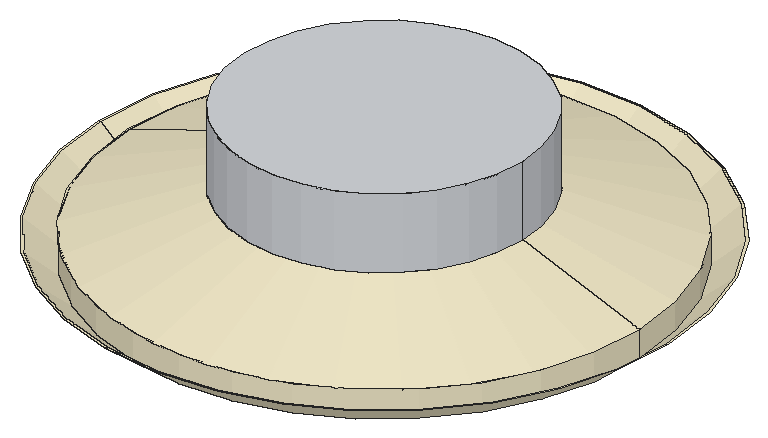
Revit family "Circular diffuser-Return", category Air Terminals, Revit 2013
Parameters (values of type "C-27 12"")
  Z = 25.4 mm
  URL = "http://www.anemostat.com"
  U Outer Cone = 615.95 mm
  U - Outer Cone Radius = U Outer Cone / 2  # 307.975 mm
  R Neck Height = 76.2 mm
  Outer Cone Height = 70.644 mm
  Model = "C-27"
  Manufacturer = "Anemostat"
  Flow [instance] = 100 CFM
  Duct Radius = Duct / 2  # 150.0 mm
  Duct = 300.0 mm
  Diffuser Service = "RCD"
  C3 C Radius = C3 C / 2  # 104.775 mm
  C3 C = 209.55 mm
  C3 B Radius = C3 B / 2  # 192.484 mm
  C3 B = 384.969 mm
  C2 C Radius = C2 C / 2  # 53.975 mm
  C2 C = 107.95 mm
  C2 B Radius = C2 B / 2  # 108.744 mm
  C2 B = 217.488 mm
  C2 & 3 A = 54.769 mm
  C1 C Radius = C1 C / 2  # 17.463 mm
  C1 C = 34.925 mm
  C1 B Radius = C1 B / 2  # 50.998 mm
  C1 B = 101.997 mm
  C1 A = 57.944 mm
  Air Flow [instance] = Flow  # 100 CFM
  A Outer Cone = 552.45 mm
  A - Outer Cone Radius = A Outer Cone / 2  # 276.225 mm
Types (8, lengths in mm): name | Z | U Outer Cone | U - Outer Cone Radius | R Neck Height | Outer Cone Height | Duct Radius | Duct | Diffuser Service | C3 C Radius | C3 C | C3 B Radius | C3 B | C2 C Radius | C2 C | C2 B Radius | C2 B | C2 & 3 A | C1 C Radius | C1 C | C1 B Radius | C1 B | C1 A | A Outer Cone | A - Outer Cone Radius
  C-27 06" | 25.4 | 615.95 | 307.975 | 76.2 | 70.644 | 150.0 | 300.0 | "SCD" | 104.775 | 209.55 | 192.484 | 384.969 | 53.975 | 107.95 | 108.744 | 217.488 | 54.769 | 17.463 | 34.925 | 50.998 | 101.997 | 57.944 | 552.45 | 276.225
  C-27 08" | 15.875 | 466.725 | 233.363 | 76.2 | 52.388 | 101.6 | 203.2 | "SCD" | 81.756 | 163.513 | 144.066 | 288.131 | 42.069 | 84.138 | 80.963 | 161.925 | 38.894 | 13.494 | 26.988 | 33.734 | 67.469 | 42.069 | 415.925 | 207.963
  C-27 10" | 25.4 | 615.95 | 307.975 | 76.2 | 79.375 | 125.0 | 250.0 | "SCD" | 104.775 | 209.55 | 192.484 | 384.969 | 53.975 | 107.95 | 108.744 | 217.488 | 54.769 | 17.463 | 34.925 | 50.998 | 101.997 | 57.944 | 552.45 | 276.225
  C-27 12" | 25.4 | 615.95 | 307.975 | 76.2 | 70.644 | 150.0 | 300.0 | "RCD" | 104.775 | 209.55 | 192.484 | 384.969 | 53.975 | 107.95 | 108.744 | 217.488 | 54.769 | 17.463 | 34.925 | 50.998 | 101.997 | 57.944 | 552.45 | 276.225
  C-27 15" | 34.925 | 901.7 | 450.85 | 76.2 | 99.219 | 190.5 | 381.0 | "SCD" | 142.081 | 284.163 | 279.4 | 558.8 | 69.85 | 139.7 | 155.575 | 311.15 | 85.725 | 19.05 | 38.1 | 70.644 | 141.288 | 76.2 | 806.45 | 403.225
  C-27 18" | 34.925 | 901.7 | 450.85 | 82.55 | 76.2 | 228.6 | 457.2 | "SCD" | 142.081 | 284.163 | 279.4 | 558.8 | 69.85 | 139.7 | 155.575 | 311.15 | 85.725 | 19.05 | 38.1 | 70.644 | 141.288 | 76.2 | 806.45 | 403.225
  C-27 21" | 12.7 | 1181.1 | 590.55 | 114.3 | 173.038 | 266.7 | 533.4 | "SCD" | 177.8 | 355.6 | 415.925 | 831.85 | 95.25 | 190.5 | 236.538 | 473.075 | 122.634 | 35.719 | 71.438 | 111.125 | 222.25 | 96.838 | 1085.85 | 542.925
  C-27 24" | 12.7 | 1181.1 | 590.55 | 130.175 | 173.038 | 304.8 | 609.6 | "SCD" | 177.8 | 355.6 | 415.925 | 831.85 | 95.25 | 190.5 | 236.538 | 473.075 | 122.634 | 35.719 | 71.438 | 111.125 | 222.25 | 96.838 | 1085.85 | 542.925
Reference planes
  plane 1 "Center (Front/Back)": y = 0
  plane 2: z = 0
  plane 3 "Center (Left/Right)": x = 0
  plane 4: z = -25.4
  plane 5: z = 45.244
  plane 6: x = 307.975
  plane 7: x = 276.225
  plane 8: x = 150
  plane 9: z = 32.544
  plane 10: y = -17.463
  plane 11: y = -50.998
  plane 12: z = 29.369
  plane 13: y = -53.975
  plane 14: y = -108.744
  plane 15: y = -104.775
  plane 16: y = -192.484
  plane 17: z = 121.444
Forms (mm)
  Revolve 1, solid, material "Grille"
    sketch origin (0, 0, 0) x (1, 0, 0) y (0, 0, 1)
      loop
        line (0, 45.244) -> (0, 44.456) -> (149.998, 44.456) -> (275.438, 2.437) -> (275.438, -25.4) -> (276.225, -25.4) -> (307.975, 0) -> (306.146, 0) -> (276.225, -24.529) -> (276.225, 2.841) -> (150, 45.244) -> (0, 45.244)
      axis (0, 45.244) -> (0, -25.4)
    angle from 0 to 360
  Revolve 2, solid, material "Grille"
    sketch origin (0, 0, 0) x (0, 1, 0) y (0, 0, 1)
      loop
        line (0, 32.544) -> (-17.463, 32.544) -> (-50.998, -25.4) -> (-50.211, -25.4) -> (-17.008, 31.756) -> (0, 31.756) -> (0, 32.544)
      axis (0, 32.544) -> (0, -25.4)
    angle from 0 to 360
  Revolve 3, solid, material "Grille"
    sketch origin (0, 0, 0) x (0, 1, 0) y (0, 0, 1)
      loop
        line (0, 29.369) -> (-50.998, 29.369) -> (-108.744, -25.4) -> (-107.956, -25.4) -> (-50.944, 28.581) -> (0, 28.581) -> (0, 29.369)
      axis (0, 29.369) -> (0, -25.4)
    angle from 0 to 360
  Revolve 4, solid, material "Grille"
    sketch origin (0, 0, 0) x (0, 1, 0) y (0, 0, 1)
      loop
        line (0, 29.369) -> (-104.775, 29.369) -> (-192.484, -25.4) -> (-190.986, -25.4) -> (-104.522, 28.581) -> (0, 28.581) -> (0, 29.369)
      axis (0, 29.369) -> (0, -25.4)
    angle from 0 to 360
  Extrusion 5, solid
    sketch origin (0, 0, 0) x (1, 0, 0) y (0, 1, 0)
      loop
        circle (0, 0) r 150
    from 45.244 to 121.444 <- "R Neck Height"
Dimensions and locks
  "Z": level to plane 4
  "Outer Cone Height": plane 5 to plane 4
  "U - Outer Cone Radius": plane 6 to plane 3 "Center (Left/Right)"
  "A - Outer Cone Radius": plane 3 "Center (Left/Right)" to plane 7
  "Duct Radius": plane 8 to plane 3 "Center (Left/Right)"
  "C1 A": plane 9 to plane 4
  "C1 C Radius": plane 1 "Center (Front/Back)" to plane 10
  "C1 B Radius": plane 1 "Center (Front/Back)" to plane 11
  "C2 & 3 A": plane 12 to plane 4
  "C2 C Radius": plane 1 "Center (Front/Back)" to plane 13
  "C2 B Radius": plane 1 "Center (Front/Back)" to plane 14
  "C3 C Radius": plane 1 "Center (Front/Back)" to plane 15
  "C3 B Radius": plane 1 "Center (Front/Back)" to plane 16
  "R Neck Height": plane 17 to plane 5
  "Duct Radius": radius of Extrusion 5 sketch curve
  aligned and locked: Extrusion 5 to plane 5
  aligned and locked: plane 17 to Extrusion 5
Automatic sketch dimensions
  Revolve 1 sketch curve to plane 3 "Center (Left/Right)" = 0.0 mm  (x2)
  Revolve 1 sketch curve to plane 5 = 0.0 mm
  Revolve 1 sketch curve to plane 8 = 0.0 mm
  Revolve 1 sketch curve to plane 4 = 0.0 mm
  Revolve 1 sketch curve to plane 7 = 0.0 mm  (x2)
  Revolve 1 sketch curve to level = 0.0 mm
  Revolve 1 sketch curve to plane 6 = 0.0 mm
  Revolve 1 sketch curve to plane 8 = 0.002 mm
  Revolve 1 sketch curve to Revolve 1 sketch curve = 0.787 mm
  Revolve 1 sketch curve to Revolve 1 sketch curve = 1.829 mm
  Revolve 1 sketch curve to plane 4 = 2.922 mm
  Revolve 1 sketch curve to Revolve 1 sketch curve = 0.871 mm
  level to Revolve 1 sketch curve = 2.437 mm
  Revolve 1 sketch curve to Revolve 1 sketch curve = 0.405 mm
  Revolve 1 sketch curve to plane 5 = 0.787 mm
  Revolve 1 sketch curve to Revolve 1 sketch curve = 7.688 mm
  Revolve 2 sketch curve to plane 4 = 0.0 mm  (x2)
  Revolve 2 sketch curve to plane 11 = 0.0 mm
  Revolve 2 sketch curve to plane 9 = 0.0 mm  (x2)
  Revolve 2 sketch curve to plane 10 = 0.0 mm
  Revolve 2 sketch curve to plane 1 "Center (Front/Back)" = 0.0 mm  (x2)
  Revolve 2 sketch curve to plane 11 = 0.787 mm
  Revolve 2 sketch curve to plane 10 = 0.455 mm
  Revolve 2 sketch curve to Revolve 2 sketch curve = 0.787 mm
  Revolve 3 sketch curve to plane 4 = 0.0 mm  (x2)
  Revolve 3 sketch curve to plane 14 = 0.0 mm
  Revolve 3 sketch curve to plane 11 = 0.0 mm
  Revolve 3 sketch curve to plane 1 "Center (Front/Back)" = 0.0 mm  (x2)
  Revolve 3 sketch curve to plane 12 = 0.0 mm  (x2)
  Revolve 3 sketch curve to Revolve 3 sketch curve = 0.787 mm
  Revolve 3 sketch curve to plane 11 = 0.055 mm
  Revolve 3 sketch curve to Revolve 3 sketch curve = 0.0 mm
  Revolve 3 sketch curve to plane 12 = 0.787 mm
  Revolve 4 sketch curve to plane 4 = 0.0 mm  (x2)
  Revolve 4 sketch curve to plane 16 = 0.0 mm
  Revolve 4 sketch curve to plane 12 = 0.0 mm  (x2)
  Revolve 4 sketch curve to plane 15 = 0.0 mm
  Revolve 4 sketch curve to plane 1 "Center (Front/Back)" = 0.0 mm  (x2)
  Revolve 4 sketch curve to plane 16 = 1.498 mm
  Revolve 4 sketch curve to plane 15 = 0.253 mm
  Revolve 4 sketch curve to Revolve 4 sketch curve = 0.787 mm
  plane 1 "Center (Front/Back)" to Extrusion 5 sketch curve = 0.0 mm
  Extrusion 5 sketch curve to plane 3 "Center (Left/Right)" = 0.0 mm
Connectors
  hvac at (0, 0, 121.444), driven by "Duct Radius"
    settings: on Extrusion 5, index 1, duct flow 0 CFM, flow factor 0, pres drop 0.00 in-wg, loss coef 0, conn angle 0.00°, conn width 304.8 mm, conn height 304.8 mm, conn radius 150.0 mm, duct sys type 2, conn prof type 0, flow config 0, flow direction 0, loss method 0, conn ref index -1, conn util no, is conn primary yes, conn desc ""
